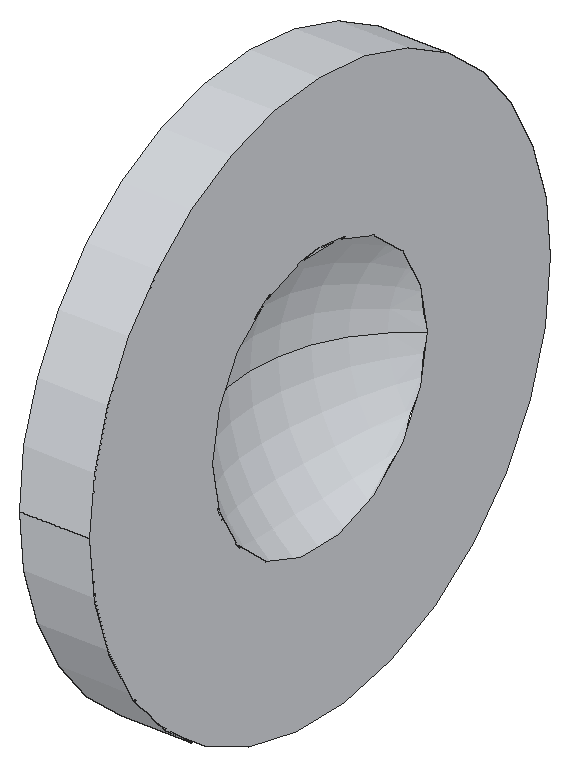
Revit family "ef2aa2288c3c41b0b7ca435fb7b9054b", category Pipe Fittings, Revit 2021
Family settings
  Round Connector Dimension = Use Radius
  Part Type = Cap
  OmniClass Number = 23.60.30.11.14
  OmniClass Title = Pipework Fittings
  Seek Item ID = Cap - PVC - Sch 40-0000-USA-ENU
  Work Plane-Based = No
  Always vertical = Yes
  Cut with Voids When Loaded = No
  Shared = No
Parameters (values of type "Standard")
  Nominal Radius [instance] = 1.5000"
  Nominal Diameter [instance] = Nominal Radius * 2  # 3.0000"
  Loss Method = Not Defined
  Socket Outside Radius [instance] = Socket Outside Diameter / 2  # 2.2400"
  Socket Outside Diameter [instance] = size_lookup(Lookup Table Name, "SOD", 1.08 * Nominal Diameter + 1.12109", Nominal Diameter)  # 4.4800"
  Lookup Table Name = "Plug Dished - MJ - DI - Class 350"
  Length 1 [instance] = (((Socket Outside Radius * Socket Outside Radius) / Gland Width) - Gland Width) / 2  # 2.19894"
  Default Elevation = 0.0000"
  Bevel Length [instance] = size_lookup(Lookup Table Name, "BvLgt", 0.04 * Nominal Diameter + 0.4300", Nominal Diameter)  # 0.5200"
  Gland Width [instance] = size_lookup(Lookup Table Name, "GWid", 0.03 * Nominal Diameter + 0.9400", Nominal Diameter)  # 0.9400"
  Gland Outside Radius [instance] = Gland Outside Diameter / 2  # 3.8450"
  Gland Outside Diameter [instance] = size_lookup(Lookup Table Name, "GOD", 1.16 * Nominal Diameter + 4.0300", Nominal Diameter)  # 7.6900"
Reference planes (in)
  plane 1 "Center (Front/Back)": y = 0
  plane 2: z = 0
  plane 3 "Center (Left/Right)": x = 0
  plane 4: x = 1.46
  plane 5: y = 2.24
  plane 6: y = -2.24
  plane 7: x = 0.52
  plane 8: x = 2.71894
Forms (in)
  Extrusion 1, solid, detail levels fine
    sketch origin (0, 0, 0) x (0, 1, 0) y (0, 0, 1)
      loop
        circle (0, 0) r 2.24
    from 0 to 0.52
  Extrusion 2, solid, detail levels fine
    sketch origin (0, 0, 0) x (0, 1, 0) y (0, 0, 1)
      loop
        circle (0, 0) r 3.845
    from 0.52 to 1.46
  Revolve 3, void
    sketch origin (0, 0, 0) x (1, 0, 0) y (0, 1, 0)
      loop
        line (2.71894, -2.19894) -> (2.71894, 2.19894)
        arc (2.71894, 2.19894) -> (0.52, 0) -> (2.71894, -2.19894) r 2.19894
      axis (2.71894, 2.19894) -> (2.71894, -2.19894)
    angle from 0 to 360
Cuts and joins
  Revolve 3 cuts Extrusion 2
  joined: Extrusion 1, Extrusion 2
Lines and regions (in)
  model lines, detail levels coarse+medium
    curve 1: line (0, 2.24, 0) -> (1.46, 2.24, 0)
    curve 2: line (1.46, 2.24, 0) -> (1.46, -2.24, 0)
    curve 3: line (1.46, -2.24, 0) -> (0, -2.24, 0)
Dimensions and locks (in)
  "Socket Outside Radius": plane 1 "Center (Front/Back)" to plane 5
  "Socket Outside Radius": plane 6 to plane 1 "Center (Front/Back)"
  "Gland Width": plane 7 to plane 4
  "Bevel Length": plane 3 "Center (Left/Right)" to plane 7
  "Length 1": plane 7 to plane 8
  "Socket Outside Radius": radius of Extrusion 1 sketch curve
  "Gland Outside Radius": radius of Extrusion 2 sketch curve
  "Length 1": radius of Revolve 3 sketch curve
  aligned and locked: curve 2 to plane 4
  aligned and locked: plane 3 "Center (Left/Right)" to curve 1
  aligned and locked: plane 3 "Center (Left/Right)" to curve 3
  aligned and locked: curve 1 to plane 5
  aligned and locked: curve 3 to plane 6
  aligned and locked: plane 1 "Center (Front/Back)" to Extrusion 1 sketch curve
  aligned and locked: plane 2 to Extrusion 1 sketch curve
  aligned and locked: Extrusion 1 to plane 3 "Center (Left/Right)"
  aligned and locked: plane 7 to Extrusion 1
  aligned and locked: Extrusion 2 to plane 7
  aligned and locked: plane 4 to Extrusion 2
  aligned and locked: plane 2 to Extrusion 2 sketch curve
  aligned and locked: plane 1 "Center (Front/Back)" to Extrusion 2 sketch curve
  aligned and locked: Revolve 3 sketch curve to plane 8  (x2)
  aligned and locked: plane 1 "Center (Front/Back)" to Revolve 3 sketch curve
  aligned and locked: plane 8 to Revolve 3 sketch curve
Automatic sketch dimensions
  Revolve 3 sketch curve to Revolve 3 sketch curve = 2.91868"
  Revolve 3 sketch curve to Revolve 3 sketch curve = 2.01868"
Connectors (in)
  piping at (0, 0, 0), diameter 3, driven by "Nominal Radius"
    settings: on Extrusion 1, index 1, connector inside diameter 3.0000", connector length 0.0000", flow factor 0, pipe flow 0 GPM, pressure drop 0.00 psi, fitting loss kfactor 0, connector angle 0.00°, fixture units 0, engagement length 0.0000", angle of deflection 0.00°, flow configuration 0, flow direction 0, fitting loss method 0, system type 28, joint type 0, gender type 0, connector reference index -1, connector utility 0, adjustable connector no, is connector primary yes, connector description ""
